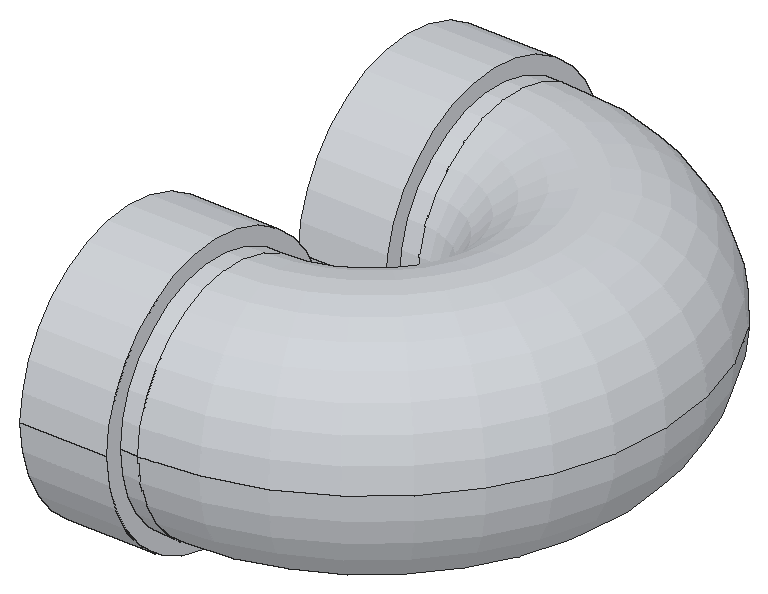
Revit family "M_Padrão intermediário da curva do retorno - Rosqueada - MI - Classe 300", category Conexões de tubo, Revit 2019
Family settings
  Cota do conector redondo = Usar raio
  Tipo de parte = Múltiplas portas
  Número OmniClass = 23.60.30.11.14
  Título OmniClass = Pipework Fittings
  ID de item do Seek = Return Bend Medium-Pattern - Threaded - MI - Class 300-0000-CAN-ENU
  Com base no plano de trabalho = Não
  Sempre na vertical = Sim
  Corte com vazios quando carregada = Não
  Compartilhado = Não
Parameters (values of type "Padrão")
  Tamanho da marca de revisão [instance] = Diâmetro externo da conexão * 0.4  # 17.44 mm
  Comprimento da rosca [instance] = size_lookup(Nome da tabela de pesquisa, "TLgt", 0.24 * Diâmetro nominal + 12.998 mm, Diâmetro nominal)  # 19.1 mm
  Raio nominal [instance] = 12.5 mm
  Diâmetro nominal [instance] = Raio nominal * 2  # 25 mm
  Espessura do Metal [instance] = size_lookup(Nome da tabela de pesquisa, "MThk", 0.06 * Diâmetro nominal + 3.671 mm, Diâmetro nominal)  # 5.1 mm
  Método de perda = Não definido
  Nome da tabela de pesquisa = "M_Return Bend Medium-Pattern - Threaded - MI - Class 300"
  Comprimento 1 [instance] = Diâmetro interno da conexão + 2 * Espessura do Metal + 3.175 mm  # 46.775 mm
  Meio centro ao centro [instance] = 0.5 * Centro ao centro  # 31.75 mm
  Raio externo da conexão [instance] = Diâmetro externo da conexão / 2  # 21.8 mm
  Diâmetro externo da conexão [instance] = Diâmetro interno da conexão + Espessura do Metal * 2  # 43.6 mm
  Diâmetro interno da conexão [instance] = size_lookup(Nome da tabela de pesquisa, "FID", 1.05 * Diâmetro nominal + 7.541 mm, Diâmetro nominal)  # 33.4 mm
  Centro ao centro [instance] = if(Centro ao centro 1 > Diâmetro interno da conexão + 2 * Espessura do Metal, Centro ao centro 1, Comprimento 1)  # 63.5 mm
  Centro ao centro 1 [instance] = size_lookup(Nome da tabela de pesquisa, "CtC", 3.64 * Diâmetro nominal - 41.473 mm, Diâmetro nominal)  # 63.5 mm
  Largura da fita [instance] = size_lookup(Nome da tabela de pesquisa, "BWid", 0.21 * Diâmetro nominal + 10.517 mm, Diâmetro nominal)  # 15.8 mm
  Raio externo da fita [instance] = Diâmetro externo da fita / 2  # 24.75 mm
  Diâmetro externo da fita 1 [instance] = size_lookup(Nome da tabela de pesquisa, "BOD", 1.31 * Diâmetro nominal + 17.165 mm, Diâmetro nominal)  # 49.5 mm
  Diâmetro externo da fita [instance] = if(Diâmetro externo da fita 1 > Centro ao centro, Centro ao centro - 1.587 mm, Diâmetro externo da fita 1)  # 49.5 mm
Reference planes
  plane 1 "Centro (Frente/Trás)": y = 0
  plane 2: z = 0
  plane 3 "Centro (Esquerda/Direita)": x = 0
  plane 4: y = -63.5
  plane 5: x = 15.8
  plane 6: x = 19.1
  plane 7: y = -31.75
Forms (mm)
  Sweep 1, solid, detail levels fine
    path origin (0, 0, 0) x (1, 0, 0) y (0, 1, 0)
      loop
        line (0, 0) -> (15.8, 0)
    profile origin (7.9, 0, 0) x (0, 1, 0) y (0, 0, 1)
      loop
        circle (0, 0) r 24.75
  Sweep 2, solid, detail levels fine
    path origin (0, 0, 0) x (1, 0, 0) y (0, 1, 0)
      loop
        line (0, -63.5) -> (15.8, -63.5)
    profile origin (7.9, -63.5, 0) x (0, 1, 0) y (0, 0, 1)
      loop
        circle (0, 0) r 24.75
  Sweep 3, solid, detail levels fine
    path origin (0, 0, 0) x (1, 0, 0) y (0, 1, 0)
      loop
        line (15.8, 0) -> (19.1, 0)
        arc (19.1, 0) -> (50.85, -31.75) -> (19.1, -63.5) r 31.75
        line (19.1, -63.5) -> (15.8, -63.5)
    profile origin (50.85, -31.75, 0) x (1, 0, 0) y (0, 0, 1)
      loop
        circle (0, 0) r 21.8
Cuts and joins
  joined: Sweep 1, Sweep 2, Sweep 3
Lines and regions (mm)
  model lines, detail levels coarse+medium
    curve 1: line (0, -63.5, 0) -> (19.1, -63.5, 0)
    curve 2: line (0, 0, 0) -> (19.1, 0, 0)
    curve 3: arc (19.1, 0, 0) -> (50.85, -31.75, 0) -> (19.1, -63.5, 0) r 31.75
    curve 4: line (0, 17.44, 0) -> (0, -17.44, 0)
    curve 5: line (0, -46.06, 0) -> (0, -80.94, 0)
Dimensions and locks
  "Centro ao centro": plane 4 to plane 1 "Centro (Frente/Trás)"
  "Largura da fita": plane 3 "Centro (Esquerda/Direita)" to plane 5
  "Comprimento da rosca": plane 3 "Centro (Esquerda/Direita)" to plane 6
  equal spacing: plane 4, plane 7, plane 1 "Centro (Frente/Trás)"
  "Tamanho da marca de revisão": curve 4 to curve 2  (x2)
  "Tamanho da marca de revisão": curve 5 to curve 1
  "Tamanho da marca de revisão": curve 1 to curve 5
  "Raio externo da fita": radius of Sweep 1 sketch curve
  "Raio externo da fita": radius of Sweep 2 sketch curve
  "Meio centro ao centro": radius of Sweep 3 sketch curve
  "Raio externo da conexão": radius of Sweep 3 sketch curve
  "Meio centro ao centro": radius of curve 3
  aligned and locked: plane 3 "Centro (Esquerda/Direita)" to Sweep 1 sketch curve
  aligned and locked: plane 5 to Sweep 1 sketch curve
  aligned and locked: plane 1 "Centro (Frente/Trás)" to Sweep 1 sketch curve  (x2)
  aligned and locked: plane 2 to Sweep 1 sketch curve
  aligned and locked: plane 3 "Centro (Esquerda/Direita)" to Sweep 2 sketch curve
  aligned and locked: Sweep 2 sketch curve to plane 4
  aligned and locked: plane 2 to Sweep 2 sketch curve
  aligned and locked: plane 4 to Sweep 2 sketch curve
  aligned and locked: plane 7 to Sweep 3 sketch curve
  aligned and locked: plane 6 to Sweep 3 sketch curve
  aligned and locked: Sweep 1 to Sweep 3 sketch curve
  aligned and locked: plane 1 "Centro (Frente/Trás)" to Sweep 3 sketch curve
  aligned and locked: Sweep 2 to Sweep 3 sketch curve
  aligned and locked: Sweep 3 sketch curve to plane 4
  aligned and locked: plane 7 to curve 3
  aligned and locked: plane 6 to curve 3
  aligned and locked: plane 1 "Centro (Frente/Trás)" to curve 2
  aligned and locked: curve 1 to plane 4
  aligned and locked: curve 4 to plane 3 "Centro (Esquerda/Direita)"
  aligned and locked: curve 5 to plane 3 "Centro (Esquerda/Direita)"
  aligned and locked: plane 6 to curve 2
  aligned and locked: plane 6 to curve 1
Automatic sketch dimensions
  Sweep 2 sketch curve to plane 5 = 0 mm
  Sweep 3 sketch curve to level = 0 mm
  profile plane to Sweep 3 sketch curve = 0 mm
Connectors
  piping at (0, 0, 0), diameter 25, driven by "Raio nominal"
    settings: on Sweep 1, index 1, connector inside diameter 25 mm, connector length 0 mm, flow factor 0, pipe flow 0.0 L/s, pressure drop 0.0 Pa, fitting loss kfactor 0, connector angle 0.00°, fixture units 0, engagement length 0 mm, angle of deflection 0.00°, flow configuration 0, flow direction 0, fitting loss method 0, system type 28, joint type 0, gender type 0, connector reference index 2, connector utility 0, adjustable connector no, is connector primary yes, connector description ""
  piping at (0, -63.5, 0), diameter 25, driven by "Raio nominal"
    settings: on Sweep 2, index 2, connector inside diameter 25 mm, connector length 0 mm, flow factor 0, pipe flow 0.0 L/s, pressure drop 0.0 Pa, fitting loss kfactor 0, connector angle 0.00°, fixture units 0, engagement length 0 mm, angle of deflection 0.00°, flow configuration 0, flow direction 0, fitting loss method 0, system type 28, joint type 0, gender type 0, connector reference index 1, connector utility 0, adjustable connector no, is connector primary no, connector description ""
